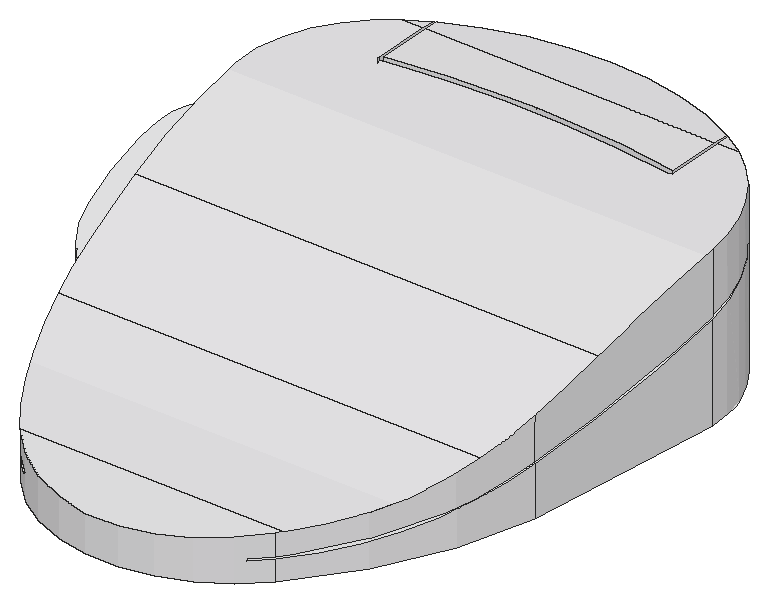
Revit family "Toilet_Seat-Elongated_Closed_Front-Cleansing-KOHLER-C3-150-K-8297T_1", category Plumbing Fixtures, host Face, Revit 2017
Family settings
  Host = Face
  Round Connector Dimension = Use Diameter
  Part Type = Normal
  OmniClass Number = 23.31.19.19.17
  OmniClass Title = Water Closet Seats
  Cut with Voids When Loaded = No
  Shared = No
  Room Calculation Point = No
Parameters (values of type "0-White")
  Width = 17 163/256"  # constant formula
  WaterSense Certified = 1 = 1  # yes
  Waste Water Outlet = "Waste Water Outlet"  # constant formula
  Waste Connection = 1 = 0  # no
  Voltage = 220 V  # constant formula
  Vent Connection = 1 = 0  # no
  URL = "http://www.kohler.com.cn/"
  Type = 3
  Product Page URL = "https://www.kohler.com.cn/product/K-8297T-0/K-8297T-0/"
  Product Name = "C3-150"  # constant formula
  Product Documentation Link = "https://files.kohler.com.cn/pdfs/1522222665445_8297T18649T_cct.pdf"
  Pressure = 0.00 psi
  Model = if(Type = 1, "K-8297T-HC-0", if(Type = 2, "K-8297T-XP-0", if(Type = 3, "K-8297T-0", "NA")))  # "K-8297T-0"
  Material = "Plastic"  # constant formula
  Master Format 2014 Name = "Toilet, Bath, and Laundry Accessories"  # constant formula
  Master Format 2014 = "10 28 00"  # constant formula
  Manufacturer Address = "Kohler Beijing Office (100016) 36-2-03-B, No. 88, Liuxiang Road, Beijing"  # constant formula
  Manufacturer = "KOHLER Co."  # constant formula
  Length = 20 171/256"  # constant formula
  Hot Water Inlet = "Hot Water Inlet"  # constant formula
  Height = 5 191/256"  # constant formula
  HW Connection = 1 = 0  # no
  Flow Rate = 0 GPM
  Finish = Kohler-Plastic-0-White
  Environmental Product Declaration = ""
  Electrical Note = "Ground-Fault Circuit-Interrupter"  # constant formula
  Electrical Connector = 1 = 1  # yes
  Description = if(Type = 1, "Qingshubao Smart Toilet Cover (Combined Version)", if(Type = 2, "Qingshubao Smart Cover (Cloud Smart Version)", if(Type = 3, "Qingshubao Smart Toilet Cover", "NA")))  # "Qingshubao Smart Toilet Cover"
  Default Elevation = 0"
  Declare Label = ""
  Date Modified = "06/24/2021"  # constant formula
  Date Created = "06/24/2021"  # constant formula
  Copyright = "Copyright KOHLER Co."  # constant formula
  Contact Us = "http://www.kohler.com.cn/contact/contact-us/"
  Cold Water Inlet = "Cold Water Inlet"  # constant formula
  CW Connection = 1 = 1  # yes
  Assembly Code = "C1030200"
  Apparent Load = Voltage * 10 A  # 2200 VA
  ADA Compliant = 1 = 0  # no
Types (4): name | Type | Product Page URL | Product Documentation Link | Model | Description
  (no name) | 3 | "https://www.kohler.com.cn/product/K-8297T-0/K-8297T-0/" | "https://files.kohler.com.cn/pdfs/1522222665445_8297T18649T_cct.pdf" | "K-8297T-0" | "Qingshubao Smart Toilet Cover"
  Hidden Chord, 0-White | 1 | "https://www.kohler.com.cn/product/K-8297T-HC-0/K-8297T-HC-0/" | "https://files.kohler.com.cn/pdfs/1559717561034_8297%E5%B0%BA%E5%AF%B8%E5%9B%BE.pdf" | "K-8297T-HC-0" | "Qingshubao Smart Toilet Cover (Combined Version)"
  Cloud Version, 0-White | 2 | "https://www.kohler.com.cn/product/K-8297T-XP-0/K-8297T-XP-0/" | "https://files.kohler.com.cn/pdfs/1533624272542_1351303-T01-A%E5%AE%89%E8%A3%85%E8%AF%B4%E6%98%8E%E4%B9%A6.pdf" | "K-8297T-XP-0" | "Qingshubao Smart Cover (Cloud Smart Version)"
  0-White | 3 | "https://www.kohler.com.cn/product/K-8297T-0/K-8297T-0/" | "https://files.kohler.com.cn/pdfs/1522222665445_8297T18649T_cct.pdf" | "K-8297T-0" | "Qingshubao Smart Toilet Cover"
Reference planes (in)
  plane 1 "Center (Front/Back)": y = 0
  plane 2: z = 0
  plane 3 "Center (Left/Right)": x = 0
  plane 4: x = -9.88135
  plane 5: x = 7.75537
  plane 6: x = -7.75537
  plane 7: y = 10.33398
  plane 8: y = -10.33398
  plane 9: z = 5.74609
  plane 10: z = 0.62992
  plane 11: z = 1.69291
  plane 12: z = 0.27559
  plane 13: y = -1.55578
  plane 14: z = 2.21033
  plane 15: y = 4.66488
  plane 16: y = 3.8777
  plane 17: z = -0.54919
Forms (in)
  Extrusion 1, void
    sketch origin (0, 0, 0) x (0, 1, 0) y (0, 0, 1)
      loop
        line (5.86695, 0.24562) -> (3.99687, 0.24562) -> (3.99687, -0.591) -> (5.86695, -0.591) -> (5.86695, 0.24562)
    from -0.62921 to 0.55744
Dimensions and locks (in)
  "Width": plane 4 to plane 5
  "Length": plane 8 to plane 7
  equal spacing: plane 8, plane 1 "Center (Front/Back)", plane 7
  equal spacing: plane 6, plane 3 "Center (Left/Right)", plane 5
  locked: plane 4 to plane 6 at 2.12598
  plane 6 to plane 5 = 15.51073"
  locked: plane 13 to plane 7 at 11.88976
  "Height": level to plane 9
  level to plane 11 = 1.69291"
  plane 12 to level = 0.27559"
  aligned and locked: plane 2 to host face
  aligned and locked: level to host face
  aligned and locked: plane 3 "Center (Left/Right)" to nested 1
  aligned and locked: plane 1 "Center (Front/Back)" to nested 1
Automatic sketch dimensions
  host sketch curve to host sketch curve = 96"  (x2)
  Extrusion 1 sketch curve to plane 12 = 0.02997"
  Extrusion 1 sketch curve to plane 15 = 0.668"
  Extrusion 1 sketch curve to level = 0.591"
  plane 15 to Extrusion 1 sketch curve = 1.20208"
Nested families (in)
  nested 1: "K-8297T" at (0, 0, 0), type "K-8297T"
Connectors (in)
  piping at (-7.75905, 4.66488, 2.21033), diameter 0.5, driven by "CW Connection", driven by "Cold Water Inlet", driven by "Flow Rate"
    settings: on nested 1, index 1, connector inside diameter 24", connector length 0", flow factor 0, pipe flow 0 GPM, pressure drop 0.00 psi, fitting loss kfactor 0, connector angle 0.00°, fixture units 0, engagement length 0", angle of deflection 0.00°, flow configuration 0, flow direction 1, fitting loss method 0, system type 20, joint type 0, gender type 0, connector reference index -1, connector utility 1, adjustable connector no, is connector primary yes, connector description "Cold Water Inlet"
  electrical at (-7.75905, 3.87747, 2.21033), driven by "Electrical Connector", driven by "Electrical Note", driven by "Voltage", driven by "Apparent Load"
    settings: on nested 1, index 2, voltage 220 V, apparent load 2200 VA, apparent load phase1 0 VA, apparent load phase2 0 VA, apparent load phase3 0 VA, power factor 1, load classification "Power", number of poles 1, system type 30, power factor state 1, is connector primary yes, connector utility yes, sub classification motor no, connector description "Ground-Fault Circuit-Interrupter"
Definition of nested family "K-8297T"
  Parameters (values of type "K-8297T")
    Material = none
  Reference planes (in)
    plane 1 "Center (Front/Back)": y = 0
    plane 2: z = 0
    plane 3 "Center (Left/Right)": x = 0
    plane 4: x = 7.75591
    plane 5: x = -7.75591
    plane 6: y = 10.33465
    plane 7: y = -10.33465
    plane 8: x = -9.88189
    plane 9: z = 5.74803
    plane 10: z = 0.62992
    plane 11: z = 1.69291
    plane 12: z = 0.27559
    plane 13: y = -1.55512
    plane 14: z = 2.21033
    plane 15: y = 4.66488
    plane 16: z = -0.54919
  Forms (in)
    Extrusion 1, solid, material <- "Material", detail levels medium+fine
      sketch origin (0, 0, 0) x (1, 0, 0) y (0, 1, 0)
        loop
          arc (-4.1611, -8.43538) -> (0, -10.33465) -> (4.1611, -8.43538) r 5.50792
          arc (4.1611, -8.43538) -> (6.1734, -5.32654) -> (7.24698, -1.78229) r 13.25333
          arc (7.24698, -1.78229) -> (7.62848, 1.50716) -> (7.75591, 4.8162) r 43.03057
          spline (7.75591, 4.8162) -> (7.49156, 6.24503) -> (6.71674, 7.57536) -> (5.4842, 8.7181) -> (3.87777, 9.59517) -> (2.00733, 10.14659) -> (0, 10.33458) -> (-2.00732, 10.14656) -> (-3.87784, 9.5953) -> (-5.4841, 8.71838) -> (-6.71664, 7.57556) -> (-7.49152, 6.24469) -> (-7.75591, 4.8162)
          arc (-7.75591, 4.8162) -> (-7.62848, 1.50716) -> (-7.24698, -1.78229) r 43.03057
          arc (-7.24698, -1.78229) -> (-6.1734, -5.32654) -> (-4.1611, -8.43538) r 13.25333
      from 0.27559 to 5.74803
    Extrusion 2, void
      sketch origin (0, 0, 0) x (0, 1, 0) y (0, 0, 1)
        loop
          line (12.24934, 5.74803) -> (12.24934, 7.16535) -> (-11.37271, 7.16535) -> (-11.37271, 1.19027)
          arc (-11.37271, 1.19027) -> (-9.84576, 1.54378) -> (-8.28862, 1.7222) r 13.82597
          arc (-8.28862, 1.7222) -> (-5.86066, 2.0302) -> (-3.49791, 2.66839) r 17.79727
          arc (-3.49791, 2.66839) -> (-1.4993, 3.38653) -> (0.481, 4.15373) r 86.12169
          arc (0.481, 4.15373) -> (4.52798, 5.3458) -> (8.72765, 5.74803) r 22.1254
          line (8.72765, 5.74803) -> (12.24934, 5.74803)
      from -13.23151 to 11.10812
    Extrusion 3, void
      sketch origin (0, 0, 0) x (1, 0, 0) y (0, 1, 0)
        loop
          line (-4.79232, 9.63353) -> (-4.79232, 6.91421)
          arc (-4.79232, 6.91421) -> (-4.76926, 6.85853) -> (-4.71358, 6.83547) r 0.07874
          arc (-4.71358, 6.83547) -> (0, 7.15272) -> (4.71358, 6.83547) r 35.17403
          arc (4.71358, 6.83547) -> (4.76926, 6.85853) -> (4.79232, 6.91421) r 0.07874
          line (4.79232, 6.91421) -> (4.79232, 9.63353) -> (4.70977, 9.63353) -> (4.70977, 7.01709)
          arc (4.70977, 7.01709) -> (0, 7.35332) -> (-4.70977, 7.01709) r 33.154
          line (-4.70977, 7.01709) -> (-4.70977, 9.63353) -> (-4.79232, 9.63353)
      from 5.11346 to 8.77571
    Extrusion 4, solid, material <- "Material", detail levels medium+fine
      sketch origin (0, 0, 0) x (1, 0, 0) y (0, 1, 0)
        loop
          arc (-4.42629, -7.54412) -> (0.23535, -9.84584) -> (4.68689, -7.16021) r 5.41467
          arc (4.68689, -7.16021) -> (5.70383, -5.3598) -> (6.47059, -3.43946) r 15.41096
          arc (6.47059, -3.43946) -> (0, 5.45337) -> (-6.47059, -3.43946) r 6.80048
          arc (-6.47059, -3.43946) -> (-5.60196, -5.56825) -> (-4.42629, -7.54412) r 15.41096
        loop
          arc (-1.76588, -6.97058) -> (0.00015, -7.8686) -> (1.76619, -6.97058) r 2.18553
          arc (1.76619, -6.97058) -> (3.41428, -3.82058) -> (4.07249, -0.32695) r 12.06174
          arc (4.07249, -0.32695) -> (0, 3.90463) -> (-4.07249, -0.32695) r 4.07548
          arc (-4.07249, -0.32695) -> (-3.41428, -3.82058) -> (-1.76588, -6.97058) r 12.06174
      from 0.27559 to 1.18946
    Extrusion 5, solid, material <- "Material", detail levels medium+fine
      sketch origin (0, 0, 0) x (1, 0, 0) y (0, 1, 0)
        loop
          line (-2.26156, 3.95799) -> (2.26156, 3.95799)
          arc (2.26156, 3.95799) -> (4.98122, 3.0196) -> (6.54353, 0.60376) r 4.41027
          arc (6.54353, 0.60376) -> (6.683, 0.3881) -> (6.92578, 0.30433) r 0.3937
          line (6.92578, 0.30433) -> (7.13441, 0.30433)
          arc (7.13441, 0.30433) -> (7.22308, 0.34106) -> (7.25981, 0.42973) r 0.12539
          line (7.25981, 0.42973) -> (7.25981, 1.82959)
          arc (7.25981, 1.82959) -> (0, 9.0894) -> (-7.25981, 1.82959) r 7.25981
          line (-7.25981, 1.82959) -> (-7.25981, 0.42973)
          arc (-7.25981, 0.42973) -> (-7.22308, 0.34106) -> (-7.13441, 0.30433) r 0.12539
          line (-7.13441, 0.30433) -> (-6.92578, 0.30433)
          arc (-6.92578, 0.30433) -> (-6.683, 0.3881) -> (-6.54353, 0.60376) r 0.3937
          arc (-6.54353, 0.60376) -> (-4.98122, 3.0196) -> (-2.26156, 3.95799) r 4.41027
      from 0 to 1.18946
    Sweep 6, void
      path in 3D
        loop
          line (7.25981, 0.05794, 0) -> (7.25981, 1.82959, 0)
          arc (7.25981, 1.82959, 0) -> (0, 9.0894, 0) -> (-7.25981, 1.82959, 0) r 7.25981
          line (-7.25981, 1.82959, 0) -> (-7.25981, -0.2184, 0)
      profile origin (0, 9.0894, 0) x (0, 1, 0) y (0, 0, -1)
        loop
          line (0, 0) -> (-0.41994, 0) -> (0, -0.16615) -> (0, 0)
    Extrusion 7, void
      sketch origin (0, 0, 0) x (0, 1, 0) y (0, 0, 1)
        loop
          arc (9.15501, 5.11346) -> (9.01421, 4.69705) -> (8.64962, 4.45153) r 0.68617
          arc (8.64962, 4.45153) -> (2.52282, 2.89184) -> (-3.65438, 1.54552) r 182.31005
          arc (-3.65438, 1.54552) -> (-6.29738, 1.14613) -> (-8.96628, 0.99806) r 28.28005
          line (-8.96628, 0.99806) -> (-8.96628, 0.95239)
          arc (-8.96628, 0.95239) -> (-6.29289, 1.10068) -> (-3.64543, 1.50074) r 28.32572
          arc (-3.64543, 1.50074) -> (2.53331, 2.84739) -> (8.66165, 4.40747) r 182.35572
          arc (8.66165, 4.40747) -> (9.0504, 4.66942) -> (9.20053, 5.11346) r 0.7317
          line (9.20053, 5.11346) -> (9.15501, 5.11346)
      from -10.51441 to 9.84252
    Extrusion 8, solid, material <- "Material", detail levels medium+fine
      sketch origin (0, 0, 0) x (1, 0, 0) y (0, 1, 0)
        loop
          line (-3.58717, -7.94985) -> (-2.82128, -6.83302)
          arc (-2.82128, -6.83302) -> (-2.8006, -6.76373) -> (-2.82418, -6.69538) r 0.11811
          line (-2.82418, -6.69538) -> (-3.04006, -6.40739)
          arc (-3.04006, -6.40739) -> (-3.09953, -6.37596) -> (-3.16158, -6.40193) r 0.07874
          line (-3.16158, -6.40193) -> (-4.03487, -7.37183)
          arc (-4.03487, -7.37183) -> (-4.05507, -7.42245) -> (-4.03755, -7.47407) r 0.07874
          line (-4.03755, -7.47407) -> (-3.65023, -7.95236)
          arc (-3.65023, -7.95236) -> (-3.61807, -7.96692) -> (-3.58717, -7.94985) r 0.03937
        loop
          arc (3.58717, -7.94985) -> (3.61807, -7.96692) -> (3.65023, -7.95236) r 0.03937
          line (3.65023, -7.95236) -> (4.03755, -7.47407)
          arc (4.03755, -7.47407) -> (4.05507, -7.42245) -> (4.03487, -7.37183) r 0.07874
          line (4.03487, -7.37183) -> (3.16158, -6.40193)
          arc (3.16158, -6.40193) -> (3.09953, -6.37596) -> (3.04006, -6.40739) r 0.07874
          line (3.04006, -6.40739) -> (2.82418, -6.69538)
          arc (2.82418, -6.69538) -> (2.8006, -6.76373) -> (2.82128, -6.83302) r 0.11811
          line (2.82128, -6.83302) -> (3.58717, -7.94985)
      from 0 to 0.6835
    Extrusion 9, solid, material <- "Material", detail levels medium+fine
      sketch origin (0, 0, 0) x (0, 1, 0) y (0, 0, 1)
        loop
          arc (-2.39361, 0.06642) -> (-2.27889, 0.0137) -> (-2.15337, 0) r 0.3937
          line (-2.15337, 0) -> (-0.13671, 0.10569)
          arc (-0.13671, 0.10569) -> (-0.03555, 0.14967) -> (0.01193, 0.24923) r 0.15748
          line (0.01193, 0.24923) -> (0.07713, 0.99451) -> (-3.14566, 0.57197) -> (-2.39361, 0.06642)
      from 4.56709 to 6.44496
    Extrusion 10, solid, material <- "Material", detail levels medium+fine
      sketch origin (0, 0, 0) x (0, 1, 0) y (0, 0, -1)
        loop
          line (-0.13671, -0.10569) -> (-2.15337, 0)
          arc (-2.15337, 0) -> (-2.27889, -0.0137) -> (-2.39361, -0.06642) r 0.3937
          line (-2.39361, -0.06642) -> (-3.14566, -0.57197) -> (0.07713, -0.99451) -> (0.01193, -0.24923)
          arc (0.01193, -0.24923) -> (-0.03555, -0.14967) -> (-0.13671, -0.10569) r 0.15748
      from 4.56709 to 6.44496
    Extrusion 11, solid, material <- "Material", detail levels medium+fine
      sketch origin (0, 0, 0) x (0, 1, 0) y (0, 0, 1)
        loop
          line (6.52211, 3.82196) -> (-1.53424, 1.59068)
          arc (-1.53424, 1.59068) -> (-1.54931, 1.58048) -> (-1.55512, 1.56324) r 0.02848
          line (-1.55512, 1.56324) -> (-1.55512, 1.4746)
          arc (-1.55512, 1.4746) -> (-1.5458, 1.4558) -> (-1.52519, 1.45183) r 0.02362
          line (-1.52519, 1.45183) -> (-1.48906, 1.46184) -> (-1.44456, 1.03837)
          arc (-1.44456, 1.03837) -> (-1.40488, 0.97235) -> (-1.3288, 0.9603) r 0.09113
          line (-1.3288, 0.9603) -> (6.06415, 3.08019)
          arc (6.06415, 3.08019) -> (6.28502, 3.2182) -> (6.39919, 3.45229) r 0.47244
          line (6.39919, 3.45229) -> (6.42444, 3.59553) -> (6.51892, 3.62262) -> (6.54966, 3.79692)
          arc (6.54966, 3.79692) -> (6.54278, 3.81703) -> (6.52211, 3.82196) r 0.02201
      from -10.56348 to -5.551
    Extrusion 12, void
      sketch origin (0, 0, 0) x (1, 0, 0) y (0, 1, 0)
        loop
          line (-6.89276, 6.78489) -> (-11.02662, 6.78489) -> (-11.02662, -1.55512) -> (-7.28161, -1.55512)
          arc (-7.28161, -1.55512) -> (-7.88353, -1.19172) -> (-8.43903, -0.76068) r 6.02524
          arc (-8.43903, -0.76068) -> (-9.12918, 0.05124) -> (-9.5525, 1.02914) r 3.61343
          arc (-9.5525, 1.02914) -> (-9.79919, 2.27548) -> (-9.88189, 3.54331) r 9.75979
          line (-9.88189, 3.54331) -> (-9.88189, 4.09677)
          arc (-9.88189, 4.09677) -> (-9.65858, 4.93018) -> (-9.04848, 5.54028) r 1.66682
          line (-9.04848, 5.54028) -> (-6.89276, 6.78489)
      from 0 to 9.84252
    Extrusion 13, solid, material <- "Material"
      sketch origin (0, 0, 0) x (0, 1, 0) y (0, 0, 1)
        loop
          line (5.84261, 0.05777) -> (4.05957, 0.05777) -> (4.05957, -0.34664) -> (4.01967, -0.34664) -> (4.01967, -0.4236) -> (4.27872, -0.52304)
          arc (4.27872, -0.52304) -> (4.34807, -0.5426) -> (4.41981, -0.54919) r 0.3937
          line (4.41981, -0.54919) -> (4.57874, -0.54919)
          arc (4.57874, -0.54919) -> (4.61548, -0.54333) -> (4.64858, -0.52633) r 0.11811
          line (4.64858, -0.52633) -> (4.83377, -0.39054)
          arc (4.83377, -0.39054) -> (4.85584, -0.37921) -> (4.88033, -0.3753) r 0.07874
          line (4.88033, -0.3753) -> (5.24585, -0.3753)
          arc (5.24585, -0.3753) -> (5.31229, -0.36375) -> (5.37094, -0.33044) r 0.19685
          line (5.37094, -0.33044) -> (5.84261, 0.05777)
      from -0.62921 to 0.55744
    Extrusion 14, solid, material <- "Material", detail levels coarse
      sketch origin (0, 0, 0) x (1, 0, 0) y (0, 1, 0)
        loop
          arc (-4.1611, -8.43538) -> (0, -10.33465) -> (4.1611, -8.43538) r 5.50792
          arc (4.1611, -8.43538) -> (6.1734, -5.32654) -> (7.24698, -1.78229) r 13.25333
          arc (7.24698, -1.78229) -> (7.62848, 1.50716) -> (7.75591, 4.8162) r 43.03057
          spline (7.75591, 4.8162) -> (7.49156, 6.24503) -> (6.71674, 7.57536) -> (5.4842, 8.7181) -> (3.87777, 9.59517) -> (2.00733, 10.14659) -> (0, 10.33458) -> (-2.00732, 10.14656) -> (-3.87784, 9.5953) -> (-5.4841, 8.71838) -> (-6.71664, 7.57556) -> (-7.49152, 6.24469) -> (-7.75591, 4.8162)
          arc (-7.75591, 4.8162) -> (-7.62848, 1.50716) -> (-7.24698, -1.78229) r 43.03057
          arc (-7.24698, -1.78229) -> (-6.1734, -5.32654) -> (-4.1611, -8.43538) r 13.25333
      from 0 to 5.74803
    Extrusion 15, void
      sketch origin (0, 0, 0) x (0, 1, 0) y (0, 0, 1)
        loop
          line (-11.61776, 1.34062) -> (5.04469, 5.59819)
          arc (5.04469, 5.59819) -> (5.63583, 5.71042) -> (6.23636, 5.74803) r 4.81356
          line (6.23636, 5.74803) -> (6.23636, 6.85243) -> (-11.61776, 6.85243) -> (-11.61776, 1.34062)
      from -11.84352 to 9.84252
    Extrusion 16, solid, material <- "Material", detail levels coarse
      sketch origin (0, 0, 0) x (0, 1, 0) y (0, 0, 1)
        loop
          line (-1.48506, 0.9647) -> (6.68385, 3.3071) -> (6.52211, 3.87117) -> (-1.66224, 1.60445) -> (-1.48506, 0.9647)
      from -9.88189 to -4.79232
    Extrusion 17, solid, material <- "Material"
      sketch origin (0, -0.65253, 0) x (0, 1, 0) y (0, 0, 1)
        loop
          circle (5.31741, 2.21033) r 0.19685
        loop
          circle (4.53001, 2.21033) r 0.19685
      from -7.75905 to -7.65226
  Cuts and joins
    Extrusion 15 cuts Extrusion 14
    joined: Extrusion 14, Extrusion 16
    Extrusion 2, Extrusion 3, Extrusion 7 cuts Extrusion 1
    Extrusion 7 cuts Extrusion 4
    Sweep 6 cuts Extrusion 5
    Extrusion 12 cuts Extrusion 11
    joined: Extrusion 1, Extrusion 4, Extrusion 5, Extrusion 8, Extrusion 9, Extrusion 10, Extrusion 11
  Lines and regions (in)
    Masking region 1
      outline origin (0, 0, 0) x (1, 0, 0) y (0, 1, 0)
        loop
          arc (-4.1611, -8.43538) -> (0, -10.33465) -> (4.1611, -8.43538) r 5.50792
          arc (4.1611, -8.43538) -> (6.1734, -5.32654) -> (7.24698, -1.78229) r 13.25333
          arc (7.24698, -1.78229) -> (7.62848, 1.50716) -> (7.75591, 4.8162) r 43.03057
          spline (7.75591, 4.8162) -> (7.54099, 6.10628) -> (6.90817, 7.32486) -> (5.89251, 8.40441) -> (4.55029, 9.28512) -> (2.95589, 9.91815) -> (1.19769, 10.26845) -> (-0.62689, 10.31659) -> (-2.41672, 10.05991) -> (-4.07263, 9.51262) -> (-5.50283, 8.70507) -> (-6.62808, 7.682) -> (-7.386, 6.50011)
          line (-7.386, 6.50011) -> (-9.04848, 5.54028)
          arc (-9.04848, 5.54028) -> (-9.65858, 4.93018) -> (-9.88189, 4.09677) r 1.66682
          line (-9.88189, 4.09677) -> (-9.88189, 3.54331)
          arc (-9.88189, 3.54331) -> (-9.79919, 2.27548) -> (-9.5525, 1.02914) r 9.75979
          arc (-9.5525, 1.02914) -> (-9.12918, 0.05124) -> (-8.43903, -0.76068) r 3.61343
          arc (-8.43903, -0.76068) -> (-7.88284, -1.1922) -> (-7.28011, -1.55591) r 6.02524
          arc (-7.28011, -1.55591) -> (-6.22109, -5.22255) -> (-4.1611, -8.43538) r 13.25333
    Masking region 2
      outline origin (0, 0, 0) x (1, 0, 0) y (0, 0, 1)
        loop
          line (-9.88189, 3.19396) -> (-9.88189, 2.40656)
          spline (-9.88189, 2.40656) -> (-9.87959, 2.34549) -> (-9.87263, 2.28445) -> (-9.86101, 2.22346) -> (-9.84475, 2.16255) -> (-9.82384, 2.10175) -> (-9.7983, 2.04108) -> (-9.76814, 1.98058) -> (-9.73338, 1.92026) -> (-9.69402, 1.86016) -> (-9.65008, 1.8003) -> (-9.60159, 1.74071) -> (-9.54849, 1.68147)
          spline (-9.54849, 1.68147) -> (-9.49962, 1.6339) -> (-9.44263, 1.58701) -> (-9.37764, 1.54093) -> (-9.3048, 1.49574) -> (-9.22427, 1.45156) -> (-9.13623, 1.40848) -> (-9.04089, 1.36659) -> (-8.93845, 1.326) -> (-8.82914, 1.2868) -> (-8.71321, 1.24906) -> (-8.59093, 1.21289) -> (-8.46256, 1.17835)
          spline (-8.46256, 1.17835) -> (-8.39612, 1.16176) -> (-8.32878, 1.14544) -> (-8.26058, 1.1294) -> (-8.19153, 1.11364) -> (-8.12163, 1.09817) -> (-8.05091, 1.08298) -> (-7.97938, 1.06808) -> (-7.90705, 1.05348) -> (-7.83395, 1.03917) -> (-7.76009, 1.02516) -> (-7.68548, 1.01146) -> (-7.61015, 0.99806)
          line (-7.61015, 0.99806) -> (-7.25981, 0.99806) -> (-7.25981, 0.79607) -> (-6.83987, 0.62992) -> (-6.60825, 0.62992) -> (-6.44496, 0.56532) -> (-6.44496, 0.37173) -> (-5.52128, 0.37173)
          arc (-5.52128, 0.37173) -> (-5.05941, 0.32685) -> (-4.59643, 0.29545) r 15.92391
          line (-4.59643, 0.29545) -> (-4.59643, 0) -> (-0.62921, 0) -> (-0.62921, -0.54919) -> (0.55744, -0.54919) -> (0.55744, 0) -> (4.59643, 0) -> (4.59643, 0.29545)
          arc (4.59643, 0.29545) -> (5.05941, 0.32685) -> (5.52128, 0.37173) r 15.92391
          line (5.52128, 0.37173) -> (6.44496, 0.37173) -> (6.44496, 0.56532) -> (6.60825, 0.62992) -> (6.83987, 0.62992) -> (7.25981, 0.79607) -> (7.25981, 0.99806)
          arc (7.25981, 0.99806) -> (7.6106, 1.14337) -> (7.75591, 1.49416) r 0.4961
          line (7.75591, 1.49416) -> (7.75591, 5.39954)
          spline (7.75591, 5.39954) -> (7.73615, 5.46586) -> (7.67937, 5.52425) -> (7.58528, 5.57513) -> (7.45575, 5.61849) -> (7.29327, 5.65437) -> (7.10076, 5.68327) -> (6.88117, 5.70585) -> (6.63719, 5.72279) -> (6.37156, 5.73479) -> (6.08741, 5.74255) -> (5.78725, 5.74676) -> (5.47074, 5.74803)
          line (5.47074, 5.74803) -> (-5.47104, 5.74803)
          spline (-5.47104, 5.74803) -> (-5.78753, 5.74676) -> (-6.08765, 5.74255) -> (-6.37175, 5.73479) -> (-6.63732, 5.72279) -> (-6.8812, 5.70585) -> (-7.10069, 5.68326) -> (-7.29315, 5.65436) -> (-7.45562, 5.61848) -> (-7.5852, 5.57512) -> (-7.67935, 5.52424) -> (-7.73616, 5.46585) -> (-7.75591, 5.39954)
          line (-7.75591, 5.39954) -> (-7.75591, 3.80593) -> (-9.07967, 3.59426)
          spline (-9.07967, 3.59426) -> (-9.19936, 3.57182) -> (-9.31158, 3.54678) -> (-9.41554, 3.51931) -> (-9.51049, 3.48962) -> (-9.59579, 3.4579) -> (-9.67081, 3.42439) -> (-9.73504, 3.38931) -> (-9.78801, 3.35293) -> (-9.82937, 3.31548) -> (-9.85881, 3.27724) -> (-9.87613, 3.23847) -> (-9.88121, 3.19945)
    Masking region 3
      outline origin (0, 0, 0) x (0, 1, 0) y (0, 0, 1)
        loop
          line (10.33465, 0.42591) -> (10.33465, 5.13131) -> (9.71792, 5.74803) -> (8.72765, 5.74803)
          arc (8.72765, 5.74803) -> (4.52798, 5.3458) -> (0.481, 4.15373) r 22.1254
          arc (0.481, 4.15373) -> (-1.4993, 3.38653) -> (-3.49791, 2.66839) r 86.12169
          arc (-3.49791, 2.66839) -> (-6.36286, 1.93848) -> (-9.30912, 1.69291) r 17.79727
          line (-9.30912, 1.69291) -> (-9.5444, 1.69291)
          arc (-9.5444, 1.69291) -> (-9.59175, 1.68562) -> (-9.63472, 1.66443) r 0.15748
          line (-9.63472, 1.66443) -> (-10.21481, 1.25825)
          arc (-10.21481, 1.25825) -> (-10.27323, 1.19394) -> (-10.29827, 1.11073) r 0.19685
          line (-10.29827, 1.11073) -> (-10.33465, 0.59055) -> (-9.85064, 0.59055) -> (-9.85064, 0.35433)
          arc (-9.85064, 0.35433) -> (-9.82758, 0.29865) -> (-9.7719, 0.27559) r 0.07874
          line (-9.7719, 0.27559) -> (-8.63765, 0.27559)
          arc (-8.63765, 0.27559) -> (-8.3033, 0.27681) -> (-7.96897, 0.28046) r 45.93796
          line (-7.96897, 0.28046) -> (-7.77259, 0) -> (-6.45833, 0) -> (-6.37573, 0.33131)
          arc (-6.37573, 0.33131) -> (-4.77924, 0.43791) -> (-3.18743, 0.60005) r 45.93796
          line (-3.18743, 0.60005) -> (-2.39361, 0.06642)
          arc (-2.39361, 0.06642) -> (-2.27889, 0.0137) -> (-2.15337, 0) r 0.3937
          line (-2.15337, 0) -> (-0.13671, 0.10569)
          arc (-0.13671, 0.10569) -> (-0.03555, 0.14967) -> (0.01193, 0.24923) r 0.15748
          line (0.01193, 0.24923) -> (0.09094, 1.15234)
          arc (0.09094, 1.15234) -> (3.12729, 1.99057) -> (6.06415, 3.1294) r 31.33592
          arc (6.06415, 3.1294) -> (3.31449, 1.89212) -> (0.42643, 1.02575) r 22.9642
          arc (0.42643, 1.02575) -> (0.33859, 0.97043) -> (0.30433, 0.87243) r 0.15731
          line (0.30433, 0.87243) -> (0.30433, 0) -> (4.05957, 0) -> (4.05957, -0.34664) -> (4.01967, -0.34664) -> (4.01967, -0.4236) -> (4.27872, -0.52304)
          arc (4.27872, -0.52304) -> (4.34807, -0.5426) -> (4.41981, -0.54919) r 0.3937
          line (4.41981, -0.54919) -> (4.57874, -0.54919)
          arc (4.57874, -0.54919) -> (4.61548, -0.54333) -> (4.64858, -0.52633) r 0.11811
          line (4.64858, -0.52633) -> (4.83377, -0.39054)
          arc (4.83377, -0.39054) -> (4.85584, -0.37921) -> (4.88033, -0.3753) r 0.07874
          line (4.88033, -0.3753) -> (5.24585, -0.3753)
          arc (5.24585, -0.3753) -> (5.31229, -0.36375) -> (5.37094, -0.33044) r 0.19685
          line (5.37094, -0.33044) -> (5.77242, 0) -> (8.52345, 0) -> (9.0894, 0.22392) -> (9.0894, 0.42591)
          arc (9.0894, 0.42591) -> (9.25066, 0.58717) -> (9.41192, 0.42591) r 0.16126
          line (9.41192, 0.42591) -> (10.33465, 0.42591)
    sketch lines
      curve 1: arc (7.25981, 1.82959, 0) -> (0, 9.0894, 0) -> (-7.25981, 1.82959, 0) r 7.25981
      curve 2: line (-7.25981, -0.2184, 0) -> (-7.25981, 1.82959, 0)
      curve 3: line (7.25981, 1.82959, 0) -> (7.25981, 0.05794, 0)
    symbolic lines, detail levels medium+fine
      curve 4: arc (-7.75591, 4.8162, 0) -> (-7.62848, 1.50716, 0) -> (-7.24698, -1.78229, 0) r 43.03057
      curve 5: line (-4.79232, 9.15501, 0) -> (-4.79232, 6.91421, 0)
      curve 6: line (-4.70977, 7.01709, 0) -> (-4.70977, 9.20053, 0)
      curve 7: arc (4.70977, 7.01709, 0) -> (0, 7.35332, 0) -> (-4.70977, 7.01709, 0) r 33.154
      curve 8: arc (-4.79232, 6.91421, 0) -> (-4.76926, 6.85853, 0) -> (-4.71358, 6.83547, 0) r 0.07874
      curve 9: line (4.79232, 6.91421, 0) -> (4.79232, 9.1548, 0)
      curve 10: line (4.70977, 9.20032, 0) -> (4.70977, 7.01709, 0)
      curve 11: arc (-4.71358, 6.83547, 0) -> (0, 7.15272, 0) -> (4.71358, 6.83547, 0) r 35.17403
      curve 12: arc (4.71358, 6.83547, 0) -> (4.76926, 6.85853, 0) -> (4.79232, 6.91421, 0) r 0.07874
      curve 13: arc (-4.70977, 9.07348, 0) -> (-2.62006, 9.90798, 0) -> (-0.39625, 10.25139, 0) r 9.94597
      curve 14: arc (-4.70977, 8.91072, 0) -> (0, 9.99975, 0) -> (4.70977, 8.91072, 0) r 10.72881
      curve 15: line (-7.50938, 6.20158, 0) -> (-8.95006, 5.3698, 0)
      curve 16: arc (-8.95006, 5.3698, 0) -> (-9.4881, 4.83176, 0) -> (-9.68504, 4.09677, 0) r 1.46997
      curve 17: line (-9.68504, 4.09677, 0) -> (-9.68504, 3.54331, 0)
      curve 18: arc (-9.68504, 3.54331, 0) -> (-9.60401, 2.30105, 0) -> (-9.3623, 1.07985, 0) r 9.56294
      curve 19: arc (-9.3623, 1.07985, 0) -> (-8.618, -0.30605, 0) -> (-7.33163, -1.21155, 0) r 3.41658
      curve 20: arc (-7.67717, 4.8162, 0) -> (-7.54998, 1.51321, 0) -> (-7.16917, -1.77021, 0) r 42.95183
      curve 21: arc (-7.16917, -1.77021, 0) -> (-6.10197, -5.29341, 0) -> (-4.10162, -8.38379, 0) r 13.17459
      curve 22: arc (-4.10162, -8.38379, 0) -> (0, -10.25591, 0) -> (4.10162, -8.38379, 0) r 5.42918
      curve 23: arc (4.10162, -8.38379, 0) -> (6.10197, -5.29341, 0) -> (7.16917, -1.77021, 0) r 13.17459
      curve 24: arc (7.16917, -1.77021, 0) -> (7.54998, 1.51321, 0) -> (7.67717, 4.8162, 0) r 42.95183
      curve 25: arc (-3.89047, -8.09047, 0) -> (-1.01817, -9.55198, 0) -> (2.18146, -9.16657, 0) r 5.53722
      curve 26: arc (-5.19581, -6.2525, 0) -> (-4.62945, -7.23278, 0) -> (-3.89047, -8.09047, 0) r 6.05361
      curve 27: arc (-7.18953, 4.8162, 0) -> (-6.89381, -0.84444, 0) -> (-5.19581, -6.2525, 0) r 22.54978
      curve 28: arc (-4.79232, 8.26557, 0) -> (-6.46223, 6.86843, 0) -> (-7.18953, 4.8162, 0) r 4.12983
      curve 29: arc (5.19581, -6.2525, 0) -> (4.62945, -7.23278, 0) -> (3.89047, -8.09047, 0) r 6.05361
      curve 30: arc (7.18953, 4.8162, 0) -> (6.89381, -0.84444, 0) -> (5.19581, -6.2525, 0) r 22.54978
      curve 31: arc (4.79232, 8.26557, 0) -> (6.46223, 6.86843, 0) -> (7.18953, 4.8162, 0) r 4.12983
      curve 32: arc (2.18146, -9.16657, 0) -> (3.07553, -8.69135, 0) -> (3.89047, -8.09047, 0) r 6.90415
      curve 33: line (-0.39625, 10.33465, 0) -> (0.39115, 10.33465, 0)
      curve 34: line (-0.39625, 10.1378, 0) -> (-0.39625, 10.33465, 0)
      curve 35: line (0.39115, 10.1378, 0) -> (-0.39625, 10.1378, 0)
      curve 36: line (0.39115, 10.33465, 0) -> (0.39115, 10.1378, 0)
      curve 37: arc (0.39115, 10.25159, 0) -> (2.6176, 9.90865, 0) -> (4.70977, 9.07348, 0) r 9.94597
      curve 38: arc (-4.70977, 9.07348, 0) -> (-6.80803, 7.3732, 0) -> (-7.67717, 4.8162, 0) r 4.86816
      curve 39: arc (4.70977, 9.07348, 0) -> (6.80803, 7.3732, 0) -> (7.67717, 4.8162, 0) r 4.86816
      curve 40: spline (-7.53985, 0, 4.16523) -> (-7.57337, 0, 4.3011) -> (-7.6041, 0, 4.43111) -> (-7.63203, 0, 4.5552) -> (-7.65714, 0, 4.67334) -> (-7.67943, 0, 4.78548) -> (-7.6989, 0, 4.89159) -> (-7.71552, 0, 4.99163) -> (-7.72931, 0, 5.08556) -> (-7.74024, 0, 5.17335) -> (-7.74833, 0, 5.25498) -> (-7.75356, 0, 5.33041) -> (-7.75594, 0, 5.39961)
      curve 41: spline (-7.24685, 0, 3.28114) -> (-7.27611, 0, 3.35212) -> (-7.30449, 0, 3.42359) -> (-7.33199, 0, 3.49555) -> (-7.35862, 0, 3.56801) -> (-7.38436, 0, 3.64096) -> (-7.40922, 0, 3.7144) -> (-7.4332, 0, 3.78833) -> (-7.4563, 0, 3.86274) -> (-7.47851, 0, 3.93764) -> (-7.49984, 0, 4.01302) -> (-7.52029, 0, 4.08889) -> (-7.53985, 0, 4.16523)
      curve 42: spline (-6.86274, 0, 2.66839) -> (-6.90357, 0, 2.71746) -> (-6.94281, 0, 2.7669) -> (-6.98046, 0, 2.81672) -> (-7.0165, 0, 2.86692) -> (-7.05095, 0, 2.91748) -> (-7.08378, 0, 2.9684) -> (-7.11501, 0, 3.01967) -> (-7.14462, 0, 3.0713) -> (-7.17261, 0, 3.12326) -> (-7.19898, 0, 3.17556) -> (-7.22373, 0, 3.22819) -> (-7.24685, 0, 3.28114)
      curve 43: line (-4.10033, 0, 1.69291) -> (-6.86274, 0, 2.66839)
      curve 44: line (0, 0, 1.18946) -> (-4.59326, 0, 1.18946)
      curve 45: arc (-4.59326, 0, 1.18946) -> (-6.5367, 0, 1.8124) -> (-7.75586, 0, 3.44906) r 3.34303
      curve 46: spline (-7.75586, 0, 3.44906) -> (-7.75327, 0, 3.32942) -> (-7.74523, 0, 3.21111) -> (-7.73175, 0, 3.09415) -> (-7.71283, 0, 2.97855) -> (-7.68847, 0, 2.86432) -> (-7.65868, 0, 2.75149) -> (-7.62345, 0, 2.64006) -> (-7.5828, 0, 2.53006) -> (-7.53672, 0, 2.42149) -> (-7.48523, 0, 2.31437) -> (-7.42833, 0, 2.20871) -> (-7.36602, 0, 2.10452)
      curve 47: spline (-4.84825, 0, 0.99806) -> (-5.06209, 0, 1.01674) -> (-5.2674, 0, 1.03969) -> (-5.464, 0, 1.06691) -> (-5.6517, 0, 1.09837) -> (-5.83034, 0, 1.13403) -> (-5.99975, 0, 1.17387) -> (-6.15979, 0, 1.21785) -> (-6.31032, 0, 1.26594) -> (-6.45119, 0, 1.31808) -> (-6.58228, 0, 1.37423) -> (-6.70348, 0, 1.43435) -> (-6.81467, 0, 1.49837)
      curve 48: spline (-6.81467, 0, 1.49837) -> (-6.86137, 0, 1.5294) -> (-6.90618, 0, 1.56066) -> (-6.94908, 0, 1.59216) -> (-6.99007, 0, 1.62389) -> (-7.02915, 0, 1.65585) -> (-7.06631, 0, 1.68803) -> (-7.10154, 0, 1.72042) -> (-7.13484, 0, 1.75302) -> (-7.16621, 0, 1.78584) -> (-7.19563, 0, 1.81885) -> (-7.22311, 0, 1.85206) -> (-7.24864, 0, 1.88547)
      curve 49: spline (-7.24698, 0, 1.92988) -> (-7.2215, 0, 1.89661) -> (-7.1941, 0, 1.86356) -> (-7.16479, 0, 1.83072) -> (-7.13356, 0, 1.7981) -> (-7.10043, 0, 1.7657) -> (-7.0654, 0, 1.73353) -> (-7.02847, 0, 1.70159) -> (-6.98965, 0, 1.66988) -> (-6.94894, 0, 1.63842) -> (-6.90635, 0, 1.6072) -> (-6.86189, 0, 1.57623) -> (-6.81556, 0, 1.54552)
      curve 50: spline (-7.24867, 0, 1.88544) -> (-7.32977, 0, 2.00182) -> (-7.40384, 0, 2.12008) -> (-7.47086, 0, 2.24022) -> (-7.53084, 0, 2.3622) -> (-7.58376, 0, 2.48601) -> (-7.6296, 0, 2.61163) -> (-7.66837, 0, 2.73904) -> (-7.70005, 0, 2.86821) -> (-7.72465, 0, 2.99913) -> (-7.74215, 0, 3.13177) -> (-7.75255, 0, 3.26611) -> (-7.75586, 0, 3.40213)
      curve 51: line (-6.81556, 0, 1.54552) -> (-4.11517, 0, 0.99806)
      curve 52: line (-7.62265, 0, 0.99806) -> (7.25981, 0, 0.99806)
      curve 53: spline (-9.54874, 0, 2.34607) -> (-9.49986, 0, 2.30009) -> (-9.44286, 0, 2.25478) -> (-9.37787, 0, 2.21024) -> (-9.30503, 0, 2.16658) -> (-9.22451, 0, 2.12388) -> (-9.13649, 0, 2.08226) -> (-9.04116, 0, 2.0418) -> (-8.93875, 0, 2.00259) -> (-8.82949, 0, 1.96472) -> (-8.71361, 0, 1.92828) -> (-8.59138, 0, 1.89335) -> (-8.46309, 0, 1.86)
      curve 54: spline (-8.46309, 0, 1.86) -> (-8.37529, 0, 1.83892) -> (-8.28595, 0, 1.81829) -> (-8.19512, 0, 1.79814) -> (-8.10283, 0, 1.77847) -> (-8.00911, 0, 1.75928) -> (-7.914, 0, 1.74059) -> (-7.81754, 0, 1.7224) -> (-7.71976, 0, 1.70472) -> (-7.6207, 0, 1.68755) -> (-7.52039, 0, 1.6709) -> (-7.41888, 0, 1.65479) -> (-7.31621, 0, 1.6392)
      curve 55: spline (-9.88189, 0, 3.04617) -> (-9.87959, 0, 2.9872) -> (-9.87263, 0, 2.92826) -> (-9.86102, 0, 2.86937) -> (-9.84477, 0, 2.81056) -> (-9.82388, 0, 2.75185) -> (-9.79836, 0, 2.69327) -> (-9.76822, 0, 2.63485) -> (-9.73348, 0, 2.57662) -> (-9.69414, 0, 2.51859) -> (-9.65024, 0, 2.46079) -> (-9.60179, 0, 2.40326) -> (-9.5488, 0, 2.34601)
      curve 56: spline (-7.40359, 0, 1.51105) -> (-7.41037, 0, 1.47513) -> (-7.41712, 0, 1.4392) -> (-7.42386, 0, 1.40327) -> (-7.43057, 0, 1.36733) -> (-7.43727, 0, 1.3314) -> (-7.44395, 0, 1.29545) -> (-7.45061, 0, 1.25951) -> (-7.45725, 0, 1.22356) -> (-7.46387, 0, 1.18761) -> (-7.47047, 0, 1.15165) -> (-7.47705, 0, 1.11569) -> (-7.48362, 0, 1.07973)
      curve 57: line (-7.28161, 0, 1.61387) -> (-7.28161, 0, 1.5218)
      curve 58: spline (-7.31621, 0, 1.6392) -> (-7.3126, 0, 1.63891) -> (-7.30903, 0, 1.63824) -> (-7.30553, 0, 1.63722) -> (-7.30213, 0, 1.63583) -> (-7.29886, 0, 1.6341) -> (-7.29574, 0, 1.63204) -> (-7.2928, 0, 1.62967) -> (-7.29006, 0, 1.627) -> (-7.28756, 0, 1.62406) -> (-7.2853, 0, 1.62088) -> (-7.28331, 0, 1.61747) -> (-7.28161, 0, 1.61387)
      curve 59: spline (-7.32791, 0, 1.49958) -> (-7.33424, 0, 1.50053) -> (-7.34057, 0, 1.50147) -> (-7.34689, 0, 1.50242) -> (-7.35321, 0, 1.50337) -> (-7.35952, 0, 1.50433) -> (-7.36583, 0, 1.50528) -> (-7.37214, 0, 1.50624) -> (-7.37844, 0, 1.5072) -> (-7.38473, 0, 1.50816) -> (-7.39102, 0, 1.50912) -> (-7.39731, 0, 1.51008) -> (-7.40359, 0, 1.51105)
      curve 60: spline (-7.28161, 0, 1.5218) -> (-7.28449, 0, 1.51798) -> (-7.28765, 0, 1.51445) -> (-7.29105, 0, 1.51124) -> (-7.29467, 0, 1.50837) -> (-7.29848, 0, 1.50587) -> (-7.30245, 0, 1.50374) -> (-7.30655, 0, 1.50202) -> (-7.31075, 0, 1.50072) -> (-7.31502, 0, 1.49983) -> (-7.31932, 0, 1.49938) -> (-7.32362, 0, 1.49936) -> (-7.32788, 0, 1.49977)
      curve 61: spline (-7.48362, 0, 1.07973) -> (-7.49263, 0, 1.06828) -> (-7.5023, 0, 1.0576) -> (-7.51258, 0, 1.04776) -> (-7.52342, 0, 1.03881) -> (-7.53476, 0, 1.03079) -> (-7.54653, 0, 1.02375) -> (-7.55867, 0, 1.01773) -> (-7.57112, 0, 1.01276) -> (-7.58382, 0, 1.00887) -> (-7.59668, 0, 1.00607) -> (-7.60965, 0, 1.00439) -> (-7.62265, 0, 1.00382)
      curve 62: line (-4.59643, 0, 0.29545) -> (4.59643, 0, 0.29545)
      curve 63: spline (7.53985, 0, 4.16523) -> (7.57337, 0, 4.3011) -> (7.6041, 0, 4.43111) -> (7.63203, 0, 4.5552) -> (7.65714, 0, 4.67334) -> (7.67943, 0, 4.78548) -> (7.6989, 0, 4.89159) -> (7.71552, 0, 4.99163) -> (7.72931, 0, 5.08556) -> (7.74024, 0, 5.17335) -> (7.74833, 0, 5.25498) -> (7.75356, 0, 5.33041) -> (7.75594, 0, 5.39961)
      curve 64: spline (7.24685, 0, 3.28114) -> (7.27611, 0, 3.35212) -> (7.30449, 0, 3.42359) -> (7.33199, 0, 3.49555) -> (7.35862, 0, 3.56801) -> (7.38436, 0, 3.64096) -> (7.40922, 0, 3.7144) -> (7.4332, 0, 3.78833) -> (7.4563, 0, 3.86274) -> (7.47851, 0, 3.93764) -> (7.49984, 0, 4.01302) -> (7.52029, 0, 4.08889) -> (7.53985, 0, 4.16523)
      curve 65: spline (6.86274, 0, 2.66839) -> (6.90357, 0, 2.71746) -> (6.94281, 0, 2.7669) -> (6.98046, 0, 2.81672) -> (7.0165, 0, 2.86692) -> (7.05095, 0, 2.91748) -> (7.08378, 0, 2.9684) -> (7.11501, 0, 3.01967) -> (7.14462, 0, 3.0713) -> (7.17261, 0, 3.12326) -> (7.19898, 0, 3.17556) -> (7.22373, 0, 3.22819) -> (7.24685, 0, 3.28114)
      curve 66: line (4.10033, 0, 1.69291) -> (6.86274, 0, 2.66839)
      curve 67: line (0, 0, 1.18946) -> (4.59326, 0, 1.18946)
      curve 68: arc (4.59326, 0, 1.18946) -> (6.5367, 0, 1.8124) -> (7.75586, 0, 3.44906) r 3.34303
      curve 69: spline (7.75586, 0, 3.44906) -> (7.75327, 0, 3.32942) -> (7.74523, 0, 3.21111) -> (7.73175, 0, 3.09415) -> (7.71283, 0, 2.97855) -> (7.68847, 0, 2.86432) -> (7.65868, 0, 2.75149) -> (7.62345, 0, 2.64006) -> (7.5828, 0, 2.53006) -> (7.53672, 0, 2.42149) -> (7.48523, 0, 2.31437) -> (7.42833, 0, 2.20871) -> (7.36602, 0, 2.10452)
      curve 70: spline (4.84825, 0, 0.99806) -> (5.06209, 0, 1.01674) -> (5.2674, 0, 1.03969) -> (5.464, 0, 1.06691) -> (5.6517, 0, 1.09837) -> (5.83034, 0, 1.13403) -> (5.99975, 0, 1.17387) -> (6.15979, 0, 1.21785) -> (6.31032, 0, 1.26594) -> (6.45119, 0, 1.31808) -> (6.58228, 0, 1.37423) -> (6.70348, 0, 1.43435) -> (6.81467, 0, 1.49837)
      curve 71: spline (6.81467, 0, 1.49837) -> (6.86137, 0, 1.5294) -> (6.90618, 0, 1.56066) -> (6.94908, 0, 1.59216) -> (6.99007, 0, 1.62389) -> (7.02915, 0, 1.65585) -> (7.06631, 0, 1.68803) -> (7.10154, 0, 1.72042) -> (7.13484, 0, 1.75302) -> (7.16621, 0, 1.78584) -> (7.19563, 0, 1.81885) -> (7.22311, 0, 1.85206) -> (7.24864, 0, 1.88547)
      curve 72: spline (7.2434, 0, 1.92504) -> (7.21797, 0, 1.89221) -> (7.19066, 0, 1.85958) -> (7.16148, 0, 1.82716) -> (7.13044, 0, 1.79496) -> (7.09754, 0, 1.76297) -> (7.06279, 0, 1.7312) -> (7.02618, 0, 1.69967) -> (6.98772, 0, 1.66836) -> (6.94743, 0, 1.63728) -> (6.9053, 0, 1.60645) -> (6.86134, 0, 1.57586) -> (6.81556, 0, 1.54552)
      curve 73: spline (7.24867, 0, 1.88544) -> (7.32977, 0, 2.00182) -> (7.40384, 0, 2.12008) -> (7.47086, 0, 2.24022) -> (7.53084, 0, 2.3622) -> (7.58376, 0, 2.48601) -> (7.6296, 0, 2.61163) -> (7.66837, 0, 2.73904) -> (7.70005, 0, 2.86821) -> (7.72465, 0, 2.99913) -> (7.74215, 0, 3.13177) -> (7.75255, 0, 3.26611) -> (7.75586, 0, 3.40213)
      curve 74: line (6.81556, 0, 1.54552) -> (4.11517, 0, 0.99806)
      curve 75: spline (-4.70977, 0, 5.68181) -> (-3.92889, 0, 5.68976) -> (-3.14579, 0, 5.69628) -> (-2.36091, 0, 5.70134) -> (-1.57468, 0, 5.70497) -> (-0.78756, 0, 5.70714) -> (0, 0, 5.70787) -> (0.78756, 0, 5.70714) -> (1.57468, 0, 5.70497) -> (2.36091, 0, 5.70134) -> (3.14579, 0, 5.69628) -> (3.92889, 0, 5.68976) -> (4.70977, 0, 5.68181)
      curve 76: spline (-4.71342, 0, 5.66697) -> (-4.72373, 0, 5.66703) -> (-4.73386, 0, 5.6672) -> (-4.74364, 0, 5.66747) -> (-4.75291, 0, 5.66786) -> (-4.76149, 0, 5.66834) -> (-4.76925, 0, 5.66891) -> (-4.77606, 0, 5.66956) -> (-4.78179, 0, 5.67028) -> (-4.78635, 0, 5.67106) -> (-4.78965, 0, 5.67188) -> (-4.79165, 0, 5.67273) -> (-4.79231, 0, 5.67359)
      curve 77: line (-4.70977, 0, 5.68181) -> (-4.70977, 0, 5.74848)
      curve 78: line (-4.79232, 0, 5.67359) -> (-4.79232, 0, 5.74803)
      curve 79: line (-4.71342, 0, 5.66697) -> (4.7144, 0, 5.66697)
      curve 80: spline (4.79231, 0, 5.67359) -> (4.79166, 0, 5.67275) -> (4.78969, 0, 5.67192) -> (4.78644, 0, 5.67112) -> (4.78195, 0, 5.67036) -> (4.77631, 0, 5.66964) -> (4.7696, 0, 5.669) -> (4.76194, 0, 5.66843) -> (4.75347, 0, 5.66794) -> (4.74432, 0, 5.66754) -> (4.73465, 0, 5.66725) -> (4.72462, 0, 5.66706) -> (4.7144, 0, 5.66697)
      curve 81: line (4.79232, 0, 5.74803) -> (4.79232, 0, 5.67359)
      curve 82: line (4.70977, 0, 5.74803) -> (4.70977, 0, 5.66697)
      curve 83: arc (-5.52128, 0, 0.37173) -> (-5.98977, 0, 0.43679) -> (-6.44496, 0, 0.56532) r 3.4502
      curve 84: arc (-6.60825, 0, 0.62992) -> (-6.7639, 0, 0.7829) -> (-6.80044, 0, 0.99806) r 0.35446
      curve 85: line (-7.75586, 0, 3.40213) -> (-7.75586, 0, 4.09312)
      curve 86: line (-4.10033, 0, 1.69291) -> (4.10033, 0, 1.69291)
      curve 87: arc (5.52128, 0, 0.37173) -> (5.98977, 0, 0.43679) -> (6.44496, 0, 0.56532) r 3.4502
      curve 88: arc (6.60825, 0, 0.62992) -> (6.7639, 0, 0.7829) -> (6.80044, 0, 0.99806) r 0.35446
      curve 89: line (0, 10.33465, 5.13131) -> (0, 8.36614, 5.13131)
      curve 90: arc (0, 8.36614, 5.13131) -> (0, 4.66886, 4.66242) -> (0, 1.20567, 3.28544) r 14.81132
      curve 91: arc (0, 1.20567, 3.28544) -> (0, -2.14795, 1.89776) -> (0, -5.72633, 1.29151) r 16.19997
      curve 92: arc (0, -5.72633, 1.29151) -> (0, -7.95765, 1.22563) -> (0, -10.18938, 1.27606) r 42.8417
      curve 93: arc (0, -5.67592, 1.14256) -> (0, -7.98579, 1.074) -> (0, -10.29601, 1.12965) r 42.99324
      curve 94: arc (0, 1.27895, 3.15275) -> (0, -2.08584, 1.75792) -> (0, -5.67592, 1.14256) r 16.35154
      curve 95: arc (0, 8.36614, 4.97973) -> (0, 4.70669, 4.51564) -> (0, 1.27895, 3.15275) r 14.65974
      curve 96: line (0, 10.33465, 4.97973) -> (0, 8.36614, 4.97973)
      curve 97: line (0, 10.33465, 0.99806) -> (0, 0.36697, 0.99806)
      curve 98: line (0, 10.33465, 0.79607) -> (0, 0.30433, 0.79607)
      curve 99: arc (0, -2.72028, 0.65829) -> (0, -1.30912, 0.87374) -> (0, 0.09094, 1.15234) r 31.78768
      curve 100: arc (0, -7.96897, 0.28046) -> (0, -7.17213, 0.29897) -> (0, -6.37573, 0.33131) r 45.93796
      curve 101: line (0, 9.15501, 5.74803) -> (0, 9.15501, 5.13131)
      curve 102: line (0, 9.20053, 5.13131) -> (0, 9.20053, 5.74803)
      curve 103: arc (0, 9.14185, 4.97973) -> (0, 8.97082, 4.64565) -> (0, 8.64962, 4.45153) r 0.68617
      curve 104: arc (0, 8.64962, 4.45153) -> (0, 8.06225, 4.29216) -> (0, 7.47436, 4.13476) r 182.31005
      curve 105: arc (0, 7.56922, 4.11275) -> (0, 8.11566, 4.25926) -> (0, 8.66165, 4.40747) r 182.35572
      curve 106: arc (0, 8.66165, 4.40747) -> (0, 9.00726, 4.61784) -> (0, 9.18821, 4.97973) r 0.73159
      curve 107: arc (0, -1.55537, 1.61269) -> (0, 3.00254, 2.87873) -> (0, 7.56922, 4.11275) r 673.93876
      curve 108: arc (0, -9.85064, 0.59055) -> (0, -5.66413, 0.78612) -> (0, -1.55537, 1.61269) r 27.62748
      curve 109: arc (0, -1.60332, 1.64666) -> (0, 2.93117, 2.90656) -> (0, 7.47436, 4.13476) r 673.98446
      curve 110: arc (0, -9.8493, 0.6362) -> (0, -5.68805, 0.82919) -> (0, -1.60332, 1.64666) r 27.58181
      curve 111: line (0, -9.8493, 0.6362) -> (0, -10.33465, 0.6362)
      curve 112: line (0, -1.3288, 1.00951) -> (0, 6.06415, 3.1294)
      curve 113: arc (0, 6.06415, 3.1294) -> (0, 6.28502, 3.26742) -> (0, 6.39919, 3.5015) r 0.47244
      curve 114: line (0, 6.42444, 3.64474) -> (0, 6.51892, 3.67183)
      curve 115: line (0, 6.39919, 3.5015) -> (0, 6.42444, 3.64474)
      curve 116: line (0, -1.48906, 1.51105) -> (0, -1.44456, 1.08759)
      curve 117: arc (0, -1.55512, 1.52381) -> (0, -1.5458, 1.50501) -> (0, -1.52519, 1.50105) r 0.02362
      curve 118: line (0, -1.52519, 1.50105) -> (0, -1.48906, 1.51105)
      curve 119: line (0, -1.55512, 1.61245) -> (0, -1.55512, 1.52381)
      curve 120: arc (0, -1.44456, 1.08759) -> (0, -1.40488, 1.02156) -> (0, -1.3288, 1.00951) r 0.09113
      curve 121: arc (0, 6.51892, 3.67183) -> (0, 6.58596, 3.74676) -> (0, 6.54741, 3.83962) r 0.09439
      curve 122: arc (0, 6.06415, 3.1294) -> (0, 3.00313, 2.10085) -> (0, -0.09616, 1.19409) r 81.67916
      curve 123: line (0, 6.42444, 3.64474) -> (0, -1.48906, 1.51105)
      curve 124: circle (0, 2.78446, 1.26445) r 0.26639 normal (1, 0, 0)
      curve 125: circle (0, 2.78452, 1.26307) r 0.19685 normal (1, 0, 0)
      curve 126: arc (0, -0.09616, 1.19409) -> (0, -0.17236, 1.24913) -> (0, -0.2274, 1.32533) r 0.29522
      curve 127: line (0, -1.44456, 1.08759) -> (0, -1.44456, 0.85024)
      curve 128: line (0, -7.80006, 0.03923) -> (0, -6.44855, 0.03923)
      curve 129: arc (0, -9.85064, 0.35433) -> (0, -5.63686, 0.42034) -> (0, -1.44456, 0.85024) r 48.72196
      curve 130: line (0, 1.84625, 1.86141) -> (0, 1.60752, 1.79745)
      curve 131: line (0, 1.60752, 1.79745) -> (0, 1.6244, 1.73445)
      curve 132: line (0, 1.6244, 1.73445) -> (0, 1.84625, 1.79389)
      curve 133: line (0, 1.84625, 1.79389) -> (0, 1.84625, 1.86141)
      curve 134: line (-7.40359, 0, 1.51105) -> (-8.34064, 0, 1.69291)
      curve 135: arc (-8.34064, 0, 1.69291) -> (-8.9515, 0, 1.87154) -> (-9.51892, 0, 2.1598) r 3.4347
      curve 136: arc (-9.51892, 0, 2.1598) -> (-9.76481, 0, 2.40511) -> (-9.88189, 0, 2.73211) r 0.79088
      curve 137: line (-7.32788, 0, 1.49977) -> (-6.81081, 0, 1.49977)
      curve 138: line (-7.31621, 0, 1.6392) -> (-7.00907, 0, 1.6392)
      curve 139: line (-4.56709, 0, 0) -> (-4.56709, 0, 0.29545)
      curve 140: line (-4.05509, 0, 0) -> (-4.05509, 0, 0.29545)
      curve 141: line (-3.58717, 0, 0) -> (-3.58717, 0, 0.29545)
      curve 142: line (-2.82128, 0, 0) -> (-2.82128, 0, 0.29545)
      curve 143: line (4.56709, 0, 0) -> (4.56709, 0, 0.29545)
      curve 144: line (4.05509, 0, 0) -> (4.05509, 0, 0.29545)
      curve 145: line (3.58717, 0, 0) -> (3.58717, 0, 0.29545)
      curve 146: line (2.82128, 0, 0) -> (2.82128, 0, 0.29545)
      curve 147: line (-0.62921, 0, -0.4236) -> (0.55744, 0, -0.4236)
      curve 148: line (-0.62921, 0, 0) -> (0.55744, 0, 0)
      curve 149: line (0, 5.77242, 0) -> (0, 4.05957, 0)
      curve 150: arc (0, -3.18743, 0.60005) -> (0, -2.95378, 0.62858) -> (0, -2.72028, 0.65829) r 46.86959
      curve 151: line (0, 8.94339, 0.16615) -> (0, 0.30433, 0.16615)
      curve 152: line (0, 0.30433, 0.27559) -> (0, 9.0894, 0.27559)
      curve 153: arc (-7.38582, 6.50008, 0) -> (-7.66229, 5.67823, 0) -> (-7.75591, 4.8162, 0) r 4.01582
      curve 154: arc (-7.36602, 0, 2.10452) -> (-7.30813, 0, 2.01609) -> (-7.24698, 0, 1.92988) r 2.83603
      curve 155: arc (7.36602, 0, 2.10452) -> (7.30643, 0, 2.01361) -> (7.2434, 0, 1.92504) r 2.83603
  Dimensions and locks (in)
    plane 9 to plane 10 = 5.11811"
    plane 11 to level = 1.69291"
    plane 12 to level = 0.27559"
    plane 6 to plane 7 = 20.66929"
    plane 8 to plane 4 = 17.6378"
    aligned and locked: plane 2 to level
